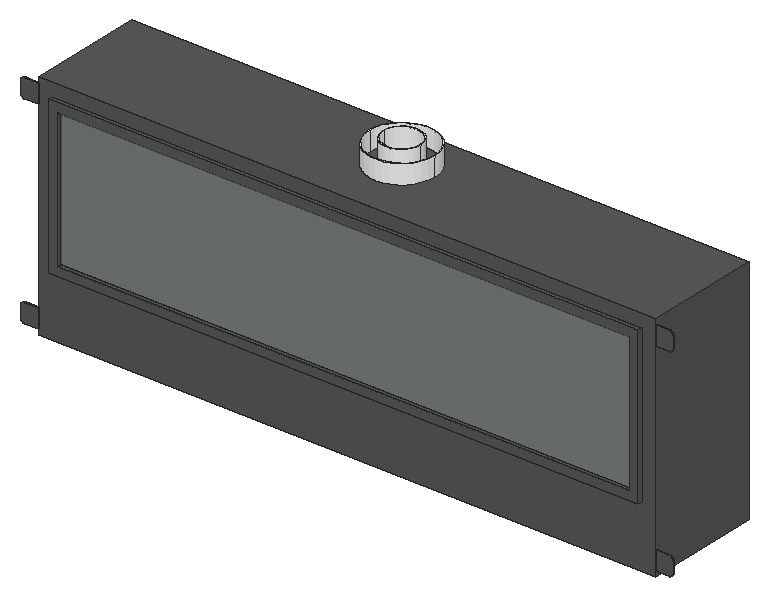
Revit family "montigo-residential-single-sided-fireplace-DELRAY-DRL6013", category Generic Models, Revit 2019
Family settings
  Can host rebar = No
  Round Connector Dimension = Use Diameter
  Part Type = Normal
  Work Plane-Based = No
  Always vertical = Yes
  Cut with Voids When Loaded = No
  Shared = No
  Room Calculation Point = No
Parameters
  Width = 12 5/16"
  URL = "https://www.montigo.com/"
  Model = ""
  Manufacturer Fax = ""
  Manufacturer Website = "https://www.montigo.com/"
  Manufacturer Phone - Toll Free = "800-378-3115"
  Manufacturer Phone = ""
  Manufacturer Address = "27342 Gloucester Way  Langley, BC, Canada   V4W 4A1"
  Manufacturer = "Montigo"
  Length = 65 7/16"
  Keynote = ""
  Glazing Tint = Glass - Montigo - Tint as Specified
  Frame Material = Metal - Montigo - Black
  Firebox Material = Metal - Montigo - White
  Fire Place Length = 62 1/2"
  Fire Place Height = 24 1/2"
  Fire Place - Opening = 16 9/16"
  Description = "Montigo Fireplace as Specified"
  Base Height = 6 9/16"
Reference planes (in)
  plane 1 "Center (Front/Back)": y = 0
  plane 2: z = 0
  plane 3 "Center (Left/Right)": x = 0
  plane 4: x = -32.71875
  plane 5: x = 32.71875
  plane 6: y = 6.15625
  plane 7: y = -6.15625
  plane 8: z = 6.5625
  plane 9: z = 23.125
  plane 10: z = 24.5
  plane 11: x = -31.25
  plane 12: x = 31.25
Forms (in)
  Extrusion 1, solid, material "Metal - Montigo - Black" <- "Frame Material"
    sketch origin (0, 0, 0) x (1, 0, 0) y (0, 1, 0)
      loop
        line (-32.71875, 6.15625) -> (-32.71875, -6.15625) -> (32.71875, -6.15625) -> (32.71875, 6.15625) -> (-32.71875, 6.15625)
    from 0 to 24.5
  Extrusion 2, solid, material "Metal - Montigo - Black" <- "Frame Material"
    sketch origin (32.71875, -6.15625, 0) x (-1, 0, 0) y (0, 0, -1)
      loop
        line (63.96875, -23.125) -> (63.96875, -6.5625) -> (1.46875, -6.5625) -> (1.46875, -23.125) -> (63.96875, -23.125)
      loop
        line (2.40625, -22.15625) -> (63.03125, -22.15625) -> (63.03125, -7.53125) -> (2.40625, -7.53125) -> (2.40625, -22.15625)
    from 0 to 0.4375
  Extrusion 3, solid, material "Metal - Montigo - Black" <- "Frame Material"
    sketch origin (32.71875, -6.15625, 0) x (-1, 0, 0) y (0, 0, -1)
      loop
        line (0, -23.9485) -> (0, -21.92032) -> (-1.41473, -21.92032)
        arc (-1.41473, -21.92032) -> (-1.77856, -22.07102) -> (-1.92927, -22.43485) r 0.51454
        line (-1.92927, -22.43485) -> (-1.92927, -23.44894)
        arc (-1.92927, -23.44894) -> (-1.78295, -23.80218) -> (-1.42972, -23.9485) r 0.49955
        line (-1.42972, -23.9485) -> (0, -23.9485)
      loop
        line (0, -0.5515) -> (-1.42972, -0.5515)
        arc (-1.42972, -0.5515) -> (-1.78295, -0.69782) -> (-1.92927, -1.05106) r 0.49955
        line (-1.92927, -1.05106) -> (-1.92927, -2.06515)
        arc (-1.92927, -2.06515) -> (-1.77856, -2.42898) -> (-1.41473, -2.57968) r 0.51454
        line (-1.41473, -2.57968) -> (0, -2.57968) -> (0, -0.5515)
      loop
        line (65.4375, -23.9485) -> (66.86722, -23.9485)
        arc (66.86722, -23.9485) -> (67.22045, -23.80218) -> (67.36677, -23.44894) r 0.49955
        line (67.36677, -23.44894) -> (67.36677, -22.43485)
        arc (67.36677, -22.43485) -> (67.21606, -22.07102) -> (66.85223, -21.92032) r 0.51454
        line (66.85223, -21.92032) -> (65.4375, -21.92032) -> (65.4375, -23.9485)
      loop
        line (65.4375, -0.5515) -> (65.4375, -2.57968) -> (66.85223, -2.57968)
        arc (66.85223, -2.57968) -> (67.21606, -2.42898) -> (67.36677, -2.06515) r 0.51454
        line (67.36677, -2.06515) -> (67.36677, -1.05106)
        arc (67.36677, -1.05106) -> (67.22045, -0.69782) -> (66.86722, -0.5515) r 0.49955
        line (66.86722, -0.5515) -> (65.4375, -0.5515)
    from -0.0625 to 0
  Extrusion 4, solid, material "Glass - Montigo - Tint as Specified" <- "Glazing Tint"
    sketch origin (32.71875, -6.15625, 0) x (-1, 0, 0) y (0, 0, -1)
      loop
        line (63, -22.21875) -> (63, -7.53125) -> (2.4375, -7.53125) -> (2.4375, -22.21875) -> (63, -22.21875)
    from 0 to 0.125
Dimensions and locks (in)
  equal spacing: plane 6, plane 1 "Center (Front/Back)", plane 7
  "Width": plane 6 to plane 7
  "Length": plane 4 to plane 5
  equal spacing: plane 4, plane 3 "Center (Left/Right)", plane 5
  "Base Height": plane 8 to plane 2
  "Fire Place - Opening": plane 9 to plane 8
  "Fire Place Height": plane 10 to plane 2
  "Fire Place Length": plane 12 to plane 11
  equal spacing: plane 12, plane 3 "Center (Left/Right)", plane 11
  plane 5 to plane 4 = 65 7/16"
  plane 6 to nested 1 = 5.02692"
  aligned and locked: level to plane 2
  aligned and locked: Extrusion 1 sketch curve to plane 6
  aligned and locked: Extrusion 1 sketch curve to plane 7
  aligned and locked: plane 10 to Extrusion 1
  aligned and locked: plane 5 to Extrusion 1 sketch curve
  aligned and locked: plane 4 to Extrusion 1 sketch curve
  aligned and locked: Extrusion 2 sketch curve to plane 9
  aligned and locked: plane 11 to Extrusion 2 sketch curve
  aligned and locked: plane 8 to Extrusion 2 sketch curve
  aligned and locked: plane 12 to Extrusion 2 sketch curve
Automatic sketch dimensions
  Extrusion 2 sketch curve to Extrusion 2 sketch curve = 15/16"  (x2)
  Extrusion 2 sketch curve to Extrusion 2 sketch curve = 31/32"  (x2)
  Extrusion 3 sketch curve to Extrusion 1 = 0"  (x4)
  Extrusion 1 to Extrusion 3 sketch curve = 1.41473"  (x2)
  Extrusion 3 sketch curve to Extrusion 3 sketch curve = 0.01499"  (x2)
  Extrusion 1 to Extrusion 3 sketch curve = 0.5515"  (x2)
  Extrusion 1 to Extrusion 3 sketch curve = 1.42972"
  Extrusion 3 sketch curve to Extrusion 3 sketch curve = 0.49955"  (x3)
  Extrusion 3 sketch curve to Extrusion 3 sketch curve = 0.51454"
  Extrusion 3 sketch curve to Extrusion 1 = 1.41473"  (x2)
  Extrusion 3 sketch curve to Extrusion 1 = 1.42972"
  Extrusion 3 sketch curve to Extrusion 3 sketch curve = 1.01409"  (x4)
  Extrusion 1 to Extrusion 3 sketch curve = 2.57968"  (x2)
  Extrusion 4 sketch curve to Extrusion 1 = 2 7/16"
  Extrusion 1 to Extrusion 4 sketch curve = 2 7/16"
  Extrusion 1 to Extrusion 4 sketch curve = 2 9/32"
  Extrusion 1 to Extrusion 4 sketch curve = 7 17/32"
Nested families (in)
  nested 1: "Duct Dia" at (0, 1.12933, 24.5) x (-1, 0, 0) z (0, 0, 1), type "4""
    with Intake Duct Dia 4", Intake Diameter 3 7/8", Height 2 1/2"
  nested 2: "Duct Dia" at (0, 1.12933, 24.5) x (-1, 0, 0) z (0, 0, 1), type "7""
    with Intake Duct Dia 7", Intake Diameter 6 7/8", Height 2"
Connectors (in)
  hvac at (0, 1.12933, 27)
    settings: on nested 1, index 2, duct flow 0.0 L/s, flow factor 0, pres drop 0.0 Pa, loss coef 0, conn angle 0.00°, conn width 304.8 mm, conn height 304.8 mm, conn diameter 101.6 mm, duct sys type 3, conn prof type 0, flow config 0, flow direction 0, loss method 0, conn ref index -1, conn util no, is conn primary yes, conn desc ""
  hvac at (0, 1.12933, 26.5)
    settings: on nested 2, index 3, duct flow 0.0 L/s, flow factor 0, pres drop 0.0 Pa, loss coef 0, conn angle 0.00°, conn width 304.8 mm, conn height 304.8 mm, conn diameter 177.8 mm, duct sys type 3, conn prof type 0, flow config 0, flow direction 0, loss method 0, conn ref index -1, conn util no, is conn primary no, conn desc ""
Definition of nested family "Duct Dia"
  Parameters (values of type "15 7/8" Dia.")
    Intake Duct Dia = 15 7/8"
    Intake Diameter = Intake Duct Dia - 1/8"  # 15 3/4"
    Height = 4"
    Firebox Material = none
    Default Elevation = 48"
  Types (12): name | Intake Duct Dia | Intake Diameter | Height
    9 7/8" Dia. | 9 7/8" | 9 3/4" | 4"
    7 7/8" Dia | 7 7/8" | 7 3/4" | 4"
    8 1/8" Dia | 8 1/8" | 8" | 1/4"
    11 3/4" Dia | 11 3/4" | 11 5/8" | 4"
    4" Dia | 10" | 9 7/8" | 4"
    7 3/4" Dia | 7 3/4" | 7 5/8" | 4"
    6 7/8" Dia | 6 7/8" | 6 3/4" | 1/4"
    9 3/4" Dia. | 9 3/4" | 9 5/8" | 4"
    7 1/8" Dia | 7 1/8" | 7" | 1/4"
    11 7/8" Dia. | 11 7/8" | 11 3/4" | 4"
    13 7/8" Dia. | 13 7/8" | 13 3/4" | 4"
    15 7/8" Dia. | 15 7/8" | 15 3/4" | 4"
  Reference planes (in)
    plane 1 "Center (Front/Back)": y = 0
    plane 2: z = 0
    plane 3 "Center (Left/Right)": x = 0
    plane 4: z = 4
  Forms (in)
    Extrusion 1, solid
      sketch origin (0, 0, 0) x (1, 0, 0) y (0, 1, 0)
        loop
          line (-48, 48) -> (-48, -48) -> (48, -48) -> (48, 48) -> (-48, 48)
      from 0 to -12
    Extrusion 2, solid, material <- "Firebox Material"
      sketch origin (0, 0, 0) x (1, 0, 0) y (0, 1, 0)
        loop
          circle (0, 0) r 7.9375
        loop
          circle (0, 0) r 7.875
      from 0 to 4
  Dimensions and locks (in)
    "Height": plane 4 to level
    "Intake Duct Dia": diameter of Extrusion 2 sketch curve
    "Intake Diameter": diameter of Extrusion 2 sketch curve
    aligned and locked: plane 2 to Extrusion 1
    aligned and locked: level to Extrusion 1
    aligned and locked: plane 4 to Extrusion 2
  Automatic sketch dimensions
    Extrusion 1 sketch curve to Extrusion 1 sketch curve = 96"  (x2)
    Extrusion 2 sketch curve to Extrusion 2 sketch curve = 0"  (x2)
    plane 1 "Center (Front/Back)" to Extrusion 2 sketch curve = 0"
    Extrusion 2 sketch curve to plane 3 "Center (Left/Right)" = 0"
